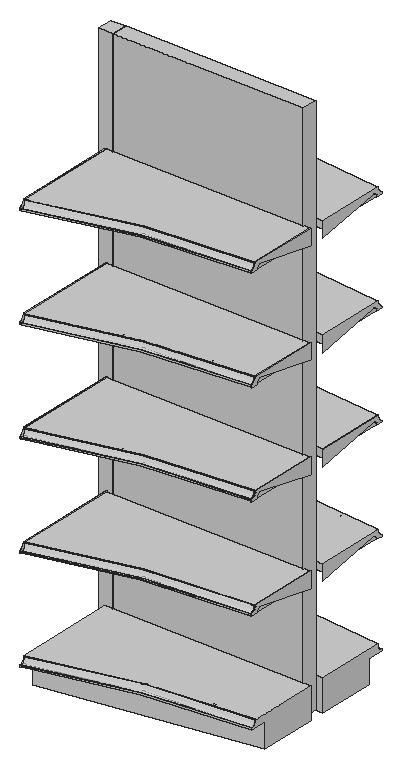
Revit family "ML15", category Specialty Equipment, Revit 2012
Parameters (values of type "Half Radius Concave Small to Big (Default)")
  Width = 3' - 0"
  URL = "http://www.madixinc.com/display/maxiline/shelvesaccessories/hrconcaveupper.html"
  Model = "Maxi Line"
  Manufacturer = "© 2012 Madix, Inc. All rights reserved."
  "Front" Base Shelf [instance] = yes
  "Front" 2' Shelf [instance] = yes
  "Front" 3' 6" Shelf [instance] = yes
  "Front" 5' Shelf [instance] = yes
  "Front" 6' 6" Shelf [instance] = yes
  Height = 8' - 0"
  "Back" Base Shelf [instance] = yes
  "Back" 2' Shelf [instance] = yes
  "Back" 3' 6" Shelf [instance] = yes
  "Back" 5' Shelf [instance] = yes
  "Back" 6' 6" Shelf [instance] = yes
  "Front" Shelf Depth = 1' - 6"
  "Back" Shelf Depth = 1' - 6"
Reference planes (in)
  plane 1 "Center (Front/Back)": y = 0
  plane 2: z = 0
  plane 3 "Center (Left/Right)": x = 0
  plane 4: x = -18
  plane 5: x = 18
  plane 6: y = 1.375
  plane 7: y = -1.375
  plane 8: z = 96
  plane 9: x = -19.25
  plane 10: x = -16.75
  plane 11: x = 19.25
  plane 12: x = 16.75
  plane 13: y = -20.25
  plane 14: y = -14.25
  plane 15: y = 20.25
  plane 16: y = 14.25
  plane 17: x = -19.25
  plane 18: x = 19.25
  plane 19: y = -19.375
  plane 20: y = 19.375
  plane 21: y = -13.375
  plane 22: y = 13.375
  plane 23: y = -13.25
  plane 24: y = -19.25
  plane 25: y = 13.25
  plane 26: y = 19.25
  plane 27: x = -17.875
  plane 28: x = 17.875
  plane 29: y = -17.375
  plane 30: y = 17.375
  plane 31: y = -11.375
  plane 32: y = 11.375
  plane 33: z = 5.5
  plane 34: z = 4.125
  plane 35: z = 23.5
  plane 36: z = 41.5
  plane 37: z = 59.5
  plane 38: z = 77.5
  plane 39: z = 22.125
  plane 40: z = 40.125
  plane 41: z = 58.125
  plane 42: z = 76.125
Forms (in)
  Extrusion 1, solid, material "Metal - Steel"
    sketch origin (0, 0, 0) x (1, 0, 0) y (0, 1, 0)
      loop
        line (-16.71875, -1.375) -> (16.71875, -1.375) -> (16.71875, 1.375) -> (-16.71875, 1.375) -> (-16.71875, -1.375)
      loop
        line (-16.75, 1.375) -> (-19.25, 1.375) -> (-19.25, -1.375) -> (-16.75, -1.375) -> (-16.75, 1.375)
    from 0 to 96
  Extrusion 2, solid, material "Metal - Steel", visible <- ""Front" Base Shelf"
    sketch origin (0, 0, 0) x (1, 0, 0) y (0, 1, 0)
      loop
        line (-18, -1.375) -> (-18, -17.375) -> (18, -11.375) -> (18, -1.375) -> (-18, -1.375)
    from 0 to 4.125
  Extrusion 3, solid, material "Metal - Steel", visible <- ""Front" Base Shelf"
    sketch origin (0, 0, 0) x (1, 0, 0) y (0, 1, 0)
      loop
        line (-18, -1.375) -> (-18, -19.25) -> (-17.875, -19.25)
        arc (-17.875, -19.25) -> (-0.22448, -14.91246) -> (17.875, -13.25) r 121.79013
        line (17.875, -13.25) -> (18, -13.25) -> (18, -1.375) -> (-18, -1.375)
    from 4.125 to 5.5
  Extrusion 4, solid, material "Metal - Steel", visible <- ""Back" Base Shelf"
    sketch origin (0, 0, 0) x (1, 0, 0) y (0, 1, 0)
      loop
        line (-18, 1.375) -> (18, 1.375) -> (18, 11.375) -> (-18, 17.375) -> (-18, 1.375)
    from 0 to 4.125
  Extrusion 5, solid, material "Metal - Steel", visible <- ""Front" 2' Shelf"
    sketch origin (0, 0, 0) x (1, 0, 0) y (0, 1, 0)
      loop
        line (-17.875, -1.375) -> (-17.875, -19.25) -> (-17.75, -19.25)
        arc (-17.75, -19.25) -> (-0.22598, -14.91297) -> (17.75, -13.25) r 120.17091
        line (17.75, -13.25) -> (17.875, -13.25) -> (17.875, -1.375) -> (-17.875, -1.375)
    from 22.125 to 23.5
  Extrusion 6, solid, material "Metal - Steel", visible <- ""Front" 3' 6" Shelf"
    sketch origin (0, 0, 0) x (1, 0, 0) y (0, 1, 0)
      loop
        line (-17.875, -1.375) -> (-17.875, -19.25) -> (-17.74985, -19.25)
        arc (-17.74985, -19.25) -> (-0.22591, -14.91296) -> (17.75, -13.25) r 120.1689
        line (17.75, -13.25) -> (17.875, -13.25) -> (17.875, -1.375) -> (-17.875, -1.375)
    from 40.125 to 41.5
  Extrusion 7, solid, material "Metal - Steel", visible <- ""Front" 5' Shelf"
    sketch origin (0, 0, 0) x (1, 0, 0) y (0, 1, 0)
      loop
        line (-17.875, -1.375) -> (-17.875, -19.25) -> (-17.74985, -19.25)
        arc (-17.74985, -19.25) -> (-0.22591, -14.91296) -> (17.75, -13.25) r 120.1689
        line (17.75, -13.25) -> (17.875, -13.25) -> (17.875, -1.375) -> (-17.875, -1.375)
    from 58.125 to 59.5
  Extrusion 8, solid, material "Metal - Steel", visible <- ""Front" 6' 6" Shelf"
    sketch origin (0, 0, 0) x (1, 0, 0) y (0, 1, 0)
      loop
        line (-17.875, -1.375) -> (-17.875, -19.25) -> (-17.74985, -19.25)
        arc (-17.74985, -19.25) -> (-0.22591, -14.91296) -> (17.75, -13.25) r 120.1689
        line (17.75, -13.25) -> (17.875, -13.25) -> (17.875, -1.375) -> (-17.875, -1.375)
    from 76.125 to 77.5
  Extrusion 9, solid, material "Metal - Steel", visible <- ""Front" 2' Shelf"
    sketch origin (0, 0, 0) x (0, 1, 0) y (0, 0, 1)
      loop
        line (-1.375, 23.5) -> (-19.5, 23.5) -> (-19.5, 23.375)
        arc (-19.5, 23.375) -> (-19.81743, 22.83182) -> (-20.25, 22.375) r 2.75
        line (-20.25, 22.375) -> (-20.25, 22.125) -> (-19.25, 22.125) -> (-19.25, 22.375) -> (-18.5, 23) -> (-18.25, 23) -> (-18.25, 22.875) -> (-1.375, 20.75) -> (-1.375, 23.5)
      loop
        circle (-3.5, 23) r 0.125
      loop
        circle (-16.25, 23) r 0.125
    from -18 to -17.875
  Extrusion 10, solid, material "Metal - Steel", visible <- ""Back" 2' Shelf"
    sketch origin (0, 0, 0) x (0, -1, 0) y (0, 0, -1)
      loop
        line (-1.375, -23.5) -> (-1.375, -20.75) -> (-18.25, -22.875) -> (-18.25, -23) -> (-18.5, -23) -> (-19.25, -22.375) -> (-19.25, -22.125) -> (-20.25, -22.125) -> (-20.25, -22.375)
        arc (-20.25, -22.375) -> (-19.81743, -22.83182) -> (-19.5, -23.375) r 2.75
        line (-19.5, -23.375) -> (-19.5, -23.5) -> (-1.375, -23.5)
      loop
        circle (-9.5, -23) r 0.125
      loop
        circle (-16.25, -23) r 0.125
    from -18 to -17.875
  Extrusion 11, solid, material "Metal - Steel", visible <- ""Front" 2' Shelf"
    sketch origin (0, 0, 0) x (0, 1, 0) y (0, 0, 1)
      loop
        line (-1.375, 23.5) -> (-13.5, 23.5) -> (-13.5, 23.375)
        arc (-13.5, 23.375) -> (-13.81743, 22.83182) -> (-14.25, 22.375) r 2.75
        line (-14.25, 22.375) -> (-14.25, 22.125) -> (-13.25, 22.125) -> (-13.25, 22.375) -> (-12.5, 23) -> (-12.25, 23) -> (-12.25, 22.875) -> (-1.375, 20.75) -> (-1.375, 23.5)
      loop
        circle (-3.5, 23) r 0.125
      loop
        circle (-10.25, 23) r 0.125
    from 17.875 to 18
  Extrusion 12, solid, material "Metal - Steel", visible <- ""Back" 2' Shelf"
    sketch origin (0, 0, 0) x (0, -1, 0) y (0, 0, -1)
      loop
        line (-1.375, -23.5) -> (-1.375, -20.75) -> (-12.25, -22.875) -> (-12.25, -23) -> (-12.5, -23) -> (-13.25, -22.375) -> (-13.25, -22.125) -> (-14.25, -22.125) -> (-14.25, -22.375)
        arc (-14.25, -22.375) -> (-13.81743, -22.83182) -> (-13.5, -23.375) r 2.75
        line (-13.5, -23.375) -> (-13.5, -23.5) -> (-1.375, -23.5)
      loop
        circle (-3.5, -23) r 0.125
      loop
        circle (-10.25, -23) r 0.125
    from 17.875 to 18
  Extrusion 13, solid, material "Metal - Steel", visible <- ""Front" 3' 6" Shelf"
    sketch origin (0, 0, 18) x (0, 1, 0) y (0, 0, 1)
      loop
        line (-1.375, 23.5) -> (-19.5, 23.5) -> (-19.5, 23.375)
        arc (-19.5, 23.375) -> (-19.81743, 22.83182) -> (-20.25, 22.375) r 2.75
        line (-20.25, 22.375) -> (-20.25, 22.125) -> (-19.25, 22.125) -> (-19.25, 22.375) -> (-18.5, 23) -> (-18.25, 23) -> (-18.25, 22.875) -> (-1.375, 20.75) -> (-1.375, 23.5)
      loop
        circle (-3.5, 23) r 0.125
      loop
        circle (-16.25, 23) r 0.125
    from -18 to -17.875
  Extrusion 14, solid, material "Metal - Steel", visible <- ""Front" 5' Shelf"
    sketch origin (0, 0, 36) x (0, 1, 0) y (0, 0, 1)
      loop
        line (-1.375, 23.5) -> (-19.5, 23.5) -> (-19.5, 23.375)
        arc (-19.5, 23.375) -> (-19.81743, 22.83182) -> (-20.25, 22.375) r 2.75
        line (-20.25, 22.375) -> (-20.25, 22.125) -> (-19.25, 22.125) -> (-19.25, 22.375) -> (-18.5, 23) -> (-18.25, 23) -> (-18.25, 22.875) -> (-1.375, 20.75) -> (-1.375, 23.5)
      loop
        circle (-3.5, 23) r 0.125
      loop
        circle (-16.25, 23) r 0.125
    from -18 to -17.875
  Extrusion 15, solid, material "Metal - Steel", visible <- ""Front" 6' 6" Shelf"
    sketch origin (0, 0, 54) x (0, 1, 0) y (0, 0, 1)
      loop
        line (-1.375, 23.5) -> (-19.5, 23.5) -> (-19.5, 23.375)
        arc (-19.5, 23.375) -> (-19.81743, 22.83182) -> (-20.25, 22.375) r 2.75
        line (-20.25, 22.375) -> (-20.25, 22.125) -> (-19.25, 22.125) -> (-19.25, 22.375) -> (-18.5, 23) -> (-18.25, 23) -> (-18.25, 22.875) -> (-1.375, 20.75) -> (-1.375, 23.5)
      loop
        circle (-3.5, 23) r 0.125
      loop
        circle (-16.25, 23) r 0.125
    from -18 to -17.875
  Extrusion 16, solid, material "Metal - Steel", visible <- ""Back" 6' 6" Shelf"
    sketch origin (0, 0, 54) x (0, -1, 0) y (0, 0, -1)
      loop
        line (-1.375, -23.5) -> (-1.375, -20.75) -> (-18.25, -22.875) -> (-18.25, -23) -> (-18.5, -23) -> (-19.25, -22.375) -> (-19.25, -22.125) -> (-20.25, -22.125) -> (-20.25, -22.375)
        arc (-20.25, -22.375) -> (-19.81743, -22.83182) -> (-19.5, -23.375) r 2.75
        line (-19.5, -23.375) -> (-19.5, -23.5) -> (-1.375, -23.5)
      loop
        circle (-3.5, -23) r 0.125
      loop
        circle (-16.25, -23) r 0.125
    from -18 to -17.875
  Extrusion 17, solid, material "Metal - Steel", visible <- ""Back" 5' Shelf"
    sketch origin (0, 0, 36) x (0, -1, 0) y (0, 0, -1)
      loop
        line (-1.375, -23.5) -> (-1.375, -20.75) -> (-18.25, -22.875) -> (-18.25, -23) -> (-18.5, -23) -> (-19.25, -22.375) -> (-19.25, -22.125) -> (-20.25, -22.125) -> (-20.25, -22.375)
        arc (-20.25, -22.375) -> (-19.81743, -22.83182) -> (-19.5, -23.375) r 2.75
        line (-19.5, -23.375) -> (-19.5, -23.5) -> (-1.375, -23.5)
      loop
        circle (-3.5, -23) r 0.125
      loop
        circle (-16.25, -23) r 0.125
    from -18 to -17.875
  Extrusion 18, solid, material "Metal - Steel", visible <- ""Back" 3' 6" Shelf"
    sketch origin (0, 0, 18) x (0, -1, 0) y (0, 0, -1)
      loop
        line (-1.375, -23.5) -> (-1.375, -20.75) -> (-18.25, -22.875) -> (-18.25, -23) -> (-18.5, -23) -> (-19.25, -22.375) -> (-19.25, -22.125) -> (-20.25, -22.125) -> (-20.25, -22.375)
        arc (-20.25, -22.375) -> (-19.81743, -22.83182) -> (-19.5, -23.375) r 2.75
        line (-19.5, -23.375) -> (-19.5, -23.5) -> (-1.375, -23.5)
      loop
        circle (-3.5, -23) r 0.125
      loop
        circle (-16.25, -23) r 0.125
    from -18 to -17.875
  Extrusion 19, solid, material "Metal - Steel", visible <- ""Back" 3' 6" Shelf"
    sketch origin (0, 0, 18) x (0, -1, 0) y (0, 0, -1)
      loop
        line (-1.375, -23.5) -> (-1.375, -20.75) -> (-12.25, -22.875) -> (-12.25, -23) -> (-12.5, -23) -> (-13.25, -22.375) -> (-13.25, -22.125) -> (-14.25, -22.125) -> (-14.25, -22.375)
        arc (-14.25, -22.375) -> (-13.81743, -22.83182) -> (-13.5, -23.375) r 2.75
        line (-13.5, -23.375) -> (-13.5, -23.5) -> (-1.375, -23.5)
      loop
        circle (-3.5, -23) r 0.125
      loop
        circle (-10.25, -23) r 0.125
    from 17.875 to 18
  Extrusion 20, solid, material "Metal - Steel", visible <- ""Back" 5' Shelf"
    sketch origin (0, 0, 36) x (0, -1, 0) y (0, 0, -1)
      loop
        line (-1.375, -23.5) -> (-1.375, -20.75) -> (-12.25, -22.875) -> (-12.25, -23) -> (-12.5, -23) -> (-13.25, -22.375) -> (-13.25, -22.125) -> (-14.25, -22.125) -> (-14.25, -22.375)
        arc (-14.25, -22.375) -> (-13.81743, -22.83182) -> (-13.5, -23.375) r 2.75
        line (-13.5, -23.375) -> (-13.5, -23.5) -> (-1.375, -23.5)
      loop
        circle (-3.5, -23) r 0.125
      loop
        circle (-10.25, -23) r 0.125
    from 17.875 to 18
  Extrusion 21, solid, material "Metal - Steel", visible <- ""Back" 6' 6" Shelf"
    sketch origin (0, 0, 54) x (0, -1, 0) y (0, 0, -1)
      loop
        line (-1.375, -23.5) -> (-1.375, -20.75) -> (-12.25, -22.875) -> (-12.25, -23) -> (-12.5, -23) -> (-13.25, -22.375) -> (-13.25, -22.125) -> (-14.25, -22.125) -> (-14.25, -22.375)
        arc (-14.25, -22.375) -> (-13.81743, -22.83182) -> (-13.5, -23.375) r 2.75
        line (-13.5, -23.375) -> (-13.5, -23.5) -> (-1.375, -23.5)
      loop
        circle (-3.5, -23) r 0.125
      loop
        circle (-10.25, -23) r 0.125
    from 17.875 to 18
  Extrusion 22, solid, material "Metal - Steel", visible <- ""Front" 6' 6" Shelf"
    sketch origin (0, 0, 54) x (0, 1, 0) y (0, 0, 1)
      loop
        line (-1.375, 23.5) -> (-13.5, 23.5) -> (-13.5, 23.375)
        arc (-13.5, 23.375) -> (-13.81743, 22.83182) -> (-14.25, 22.375) r 2.75
        line (-14.25, 22.375) -> (-14.25, 22.125) -> (-13.25, 22.125) -> (-13.25, 22.375) -> (-12.5, 23) -> (-12.25, 23) -> (-12.25, 22.875) -> (-1.375, 20.75) -> (-1.375, 23.5)
      loop
        circle (-3.5, 23) r 0.125
      loop
        circle (-10.25, 23) r 0.125
    from 17.875 to 18
  Extrusion 23, solid, material "Metal - Steel", visible <- ""Front" 5' Shelf"
    sketch origin (0, 0, 36) x (0, 1, 0) y (0, 0, 1)
      loop
        line (-1.375, 23.5) -> (-13.5, 23.5) -> (-13.5, 23.375)
        arc (-13.5, 23.375) -> (-13.81743, 22.83182) -> (-14.25, 22.375) r 2.75
        line (-14.25, 22.375) -> (-14.25, 22.125) -> (-13.25, 22.125) -> (-13.25, 22.375) -> (-12.5, 23) -> (-12.25, 23) -> (-12.25, 22.875) -> (-1.375, 20.75) -> (-1.375, 23.5)
      loop
        circle (-3.5, 23) r 0.125
      loop
        circle (-10.25, 23) r 0.125
    from 17.875 to 18
  Extrusion 24, solid, material "Metal - Steel", visible <- ""Front" 3' 6" Shelf"
    sketch origin (0, 0, 18) x (0, 1, 0) y (0, 0, 1)
      loop
        line (-1.375, 23.5) -> (-13.5, 23.5) -> (-13.5, 23.375)
        arc (-13.5, 23.375) -> (-13.81743, 22.83182) -> (-14.25, 22.375) r 2.75
        line (-14.25, 22.375) -> (-14.25, 22.125) -> (-13.25, 22.125) -> (-13.25, 22.375) -> (-12.5, 23) -> (-12.25, 23) -> (-12.25, 22.875) -> (-1.375, 20.75) -> (-1.375, 23.5)
      loop
        circle (-3.5, 23) r 0.125
      loop
        circle (-10.25, 23) r 0.125
    from 17.875 to 18
  Sweep 25, solid, material "Metal - Steel", visible <- ""Front" 2' Shelf"
    path in 3D
      loop
        line (-17.875, -19.25, 23.5) -> (-17.75, -19.25, 23.5)
        arc (-17.75, -19.25, 23.5) -> (-0.22598, -14.91297, 23.5) -> (17.75, -13.25, 23.5) r 120.17091
        line (17.75, -13.25, 23.5) -> (17.875, -13.25, 23.5)
    profile origin (-17.8125, -19.25, 23.5) x (0, 1, 0) y (0, 0, 1)
      loop
        line (0, 0) -> (-0.25, 0) -> (-0.25, -0.125) -> (-0.125, -0.125)
        arc (-0.125, -0.125) -> (-0.38696, -0.76286) -> (-0.875, -1.25) r 1.75
        line (-0.875, -1.25) -> (-0.875, -1.125) -> (-1, -1.125) -> (-1, -1.375) -> (0, -1.375) -> (0, 0)
  Sweep 26, solid, material "Metal - Steel", visible <- ""Front" Base Shelf"
    path in 3D
      loop
        line (-18, -19.25, 5.5) -> (-17.875, -19.25, 5.5)
        arc (-17.875, -19.25, 5.5) -> (-0.22448, -14.91246, 5.5) -> (17.875, -13.25, 5.5) r 121.79013
        line (17.875, -13.25, 5.5) -> (18, -13.25, 5.5)
    profile origin (-17.9375, -19.25, 5.5) x (0, 1, 0) y (0, 0, 1)
      loop
        line (0, 0) -> (-0.25, 0) -> (-0.25, -0.125) -> (-0.125, -0.125)
        arc (-0.125, -0.125) -> (-0.38696, -0.76286) -> (-0.875, -1.25) r 1.74999
        line (-0.875, -1.25) -> (-0.875, -1.125) -> (-1, -1.125) -> (-1, -1.375) -> (0, -1.375) -> (0, 0)
  Extrusion 27, solid, material "Metal - Steel", visible <- ""Back" Base Shelf"
    sketch origin (0, 0, 0) x (1, 0, 0) y (0, 1, 0)
      loop
        line (-18, 1.375) -> (18, 1.375) -> (18, 13.25) -> (17.875, 13.25)
        arc (17.875, 13.25) -> (-0.22448, 14.91246) -> (-17.875, 19.25) r 121.79013
        line (-17.875, 19.25) -> (-18, 19.25) -> (-18, 1.375)
    from 4.125 to 5.5
  Extrusion 28, solid, material "Metal - Steel", visible <- ""Back" 2' Shelf"
    sketch origin (0, 0, 0) x (0, -1, 0) y (0, 0, -1)
      loop
        line (-1.375, -23.5) -> (-1.375, -20.75) -> (-12.25, -22.875) -> (-12.25, -23) -> (-12.5, -23) -> (-13.25, -22.375) -> (-13.25, -22.125) -> (-14.25, -22.125) -> (-14.25, -22.375)
        arc (-14.25, -22.375) -> (-13.81743, -22.83182) -> (-13.5, -23.375) r 2.75
        line (-13.5, -23.375) -> (-13.5, -23.5) -> (-1.375, -23.5)
      loop
        circle (-3.5, -23) r 0.125
      loop
        circle (-10.25, -23) r 0.125
    from 17.875 to 18
  Extrusion 29, solid, material "Metal - Steel", visible <- ""Back" 2' Shelf"
    sketch origin (0, 0, 0) x (1, 0, 0) y (0, 1, 0)
      loop
        line (-17.875, 1.375) -> (17.875, 1.375) -> (17.875, 13.25) -> (17.75, 13.25)
        arc (17.75, 13.25) -> (-0.22598, 14.91297) -> (-17.75, 19.25) r 120.17091
        line (-17.75, 19.25) -> (-17.875, 19.25) -> (-17.875, 1.375)
    from 22.125 to 23.5
  Extrusion 30, solid, material "Metal - Steel", visible <- ""Back" 3' 6" Shelf"
    sketch origin (0, 0, 0) x (1, 0, 0) y (0, 1, 0)
      loop
        line (-17.875, 1.375) -> (17.875, 1.375) -> (17.875, 13.25) -> (17.75, 13.25)
        arc (17.75, 13.25) -> (-0.22591, 14.91296) -> (-17.74985, 19.25) r 120.1689
        line (-17.74985, 19.25) -> (-17.875, 19.25) -> (-17.875, 1.375)
    from 40.125 to 41.5
  Extrusion 31, solid, material "Metal - Steel", visible <- ""Back" 5' Shelf"
    sketch origin (0, 0, 0) x (1, 0, 0) y (0, 1, 0)
      loop
        line (-17.875, 1.375) -> (17.875, 1.375) -> (17.875, 13.25) -> (17.75, 13.25)
        arc (17.75, 13.25) -> (-0.22591, 14.91296) -> (-17.74985, 19.25) r 120.1689
        line (-17.74985, 19.25) -> (-17.875, 19.25) -> (-17.875, 1.375)
    from 58.125 to 59.5
  Extrusion 32, solid, material "Metal - Steel", visible <- ""Back" 6' 6" Shelf"
    sketch origin (0, 0, 0) x (1, 0, 0) y (0, 1, 0)
      loop
        line (-17.875, 1.375) -> (17.875, 1.375) -> (17.875, 13.25) -> (17.75, 13.25)
        arc (17.75, 13.25) -> (-0.22591, 14.91296) -> (-17.74985, 19.25) r 120.1689
        line (-17.74985, 19.25) -> (-17.875, 19.25) -> (-17.875, 1.375)
    from 76.125 to 77.5
  Sweep 33, solid, material "Metal - Steel", visible <- ""Front" 3' 6" Shelf"
    path in 3D
      loop
        line (-17.875, -19.25, 41.5) -> (-17.74985, -19.25, 41.5)
        arc (-17.74985, -19.25, 41.5) -> (-0.22591, -14.91296, 41.5) -> (17.75, -13.25, 41.5) r 120.1689
        line (17.75, -13.25, 41.5) -> (17.875, -13.25, 41.5)
    profile origin (-17.81243, -19.25, 41.5) x (0, 1, 0) y (0, 0, 1)
      loop
        line (0, 0) -> (-0.25, 0) -> (-0.25, -0.125) -> (-0.125, -0.125)
        arc (-0.125, -0.125) -> (-0.38696, -0.76286) -> (-0.875, -1.25) r 1.75
        line (-0.875, -1.25) -> (-0.875, -1.125) -> (-1, -1.125) -> (-1, -1.375) -> (0, -1.375) -> (0, 0)
  Sweep 34, solid, material "Metal - Steel", visible <- ""Front" 5' Shelf"
    path in 3D
      loop
        line (-17.875, -19.25, 59.5) -> (-17.74985, -19.25, 59.5)
        arc (-17.74985, -19.25, 59.5) -> (-0.22591, -14.91296, 59.5) -> (17.75, -13.25, 59.5) r 120.1689
        line (17.75, -13.25, 59.5) -> (17.875, -13.25, 59.5)
    profile origin (-17.81243, -19.25, 59.5) x (0, 1, 0) y (0, 0, 1)
      loop
        arc (-0.125, -0.125) -> (-0.38696, -0.76286) -> (-0.875, -1.25) r 1.74999
        line (-0.875, -1.25) -> (-0.875, -1.125) -> (-1, -1.125) -> (-1, -1.375) -> (0, -1.375) -> (0, 0) -> (-0.25, 0) -> (-0.25, -0.125) -> (-0.125, -0.125)
  Sweep 35, solid, material "Metal - Steel", visible <- ""Front" 6' 6" Shelf"
    path in 3D
      loop
        line (-17.875, -19.25, 77.5) -> (-17.74985, -19.25, 77.5)
        arc (-17.74985, -19.25, 77.5) -> (-0.22591, -14.91296, 77.5) -> (17.75, -13.25, 77.5) r 120.1689
        line (17.75, -13.25, 77.5) -> (17.875, -13.25, 77.5)
    profile origin (-17.81243, -19.25, 77.5) x (0, 1, 0) y (0, 0, 1)
      loop
        arc (-0.125, -0.125) -> (-0.38696, -0.76286) -> (-0.875, -1.25) r 1.74998
        line (-0.875, -1.25) -> (-0.875, -1.125) -> (-1, -1.125) -> (-1, -1.375) -> (0, -1.375) -> (0, 0) -> (-0.25, 0) -> (-0.25, -0.125) -> (-0.125, -0.125)
  Sweep 36, solid, material "Metal - Steel", visible <- ""Back" Base Shelf"
    path in 3D
      loop
        line (18, 13.25, 5.5) -> (17.875, 13.25, 5.5)
        arc (17.875, 13.25, 5.5) -> (-0.22448, 14.91246, 5.5) -> (-17.875, 19.25, 5.5) r 121.79013
        line (-17.875, 19.25, 5.5) -> (-18, 19.25, 5.5)
    profile origin (-17.9375, 19.25, 5.5) x (0, -1, 0) y (0, 0, 1)
      loop
        arc (-0.125, -0.125) -> (-0.38696, -0.76286) -> (-0.875, -1.25) r 1.74998
        line (-0.875, -1.25) -> (-0.875, -1.125) -> (-1, -1.125) -> (-1, -1.375) -> (0, -1.375) -> (0, 0) -> (-0.25, 0) -> (-0.25, -0.125) -> (-0.125, -0.125)
  Sweep 37, solid, material "Metal - Steel", visible <- ""Back" 2' Shelf"
    path in 3D
      loop
        line (17.875, 13.25, 23.5) -> (17.75, 13.25, 23.5)
        arc (17.75, 13.25, 23.5) -> (-0.22598, 14.91297, 23.5) -> (-17.75, 19.25, 23.5) r 120.17091
        line (-17.75, 19.25, 23.5) -> (-17.875, 19.25, 23.5)
    profile origin (-17.8125, 19.25, 23.5) x (0, -1, 0) y (0, 0, 1)
      loop
        line (0, 0) -> (-0.25, 0) -> (-0.25, -0.125) -> (-0.125, -0.125)
        arc (-0.125, -0.125) -> (-0.38696, -0.76286) -> (-0.875, -1.25) r 1.74998
        line (-0.875, -1.25) -> (-0.875, -1.125) -> (-1, -1.125) -> (-1, -1.375) -> (0, -1.375) -> (0, 0)
  Sweep 38, solid, material "Metal - Steel", visible <- ""Back" 3' 6" Shelf"
    path in 3D
      loop
        line (17.875, 13.25, 41.5) -> (17.75, 13.25, 41.5)
        arc (17.75, 13.25, 41.5) -> (-0.22591, 14.91296, 41.5) -> (-17.74985, 19.25, 41.5) r 120.1689
        line (-17.74985, 19.25, 41.5) -> (-17.875, 19.25, 41.5)
    profile origin (17.8125, 13.25, 41.5) x (0, -1, 0) y (0, 0, 1)
      loop
        arc (-0.125, -0.125) -> (-0.38696, -0.76286) -> (-0.875, -1.25) r 1.74998
        line (-0.875, -1.25) -> (-0.875, -1.125) -> (-1, -1.125) -> (-1, -1.375) -> (0, -1.375) -> (0, 0) -> (-0.25, 0) -> (-0.25, -0.125) -> (-0.125, -0.125)
  Sweep 39, solid, material "Metal - Steel", visible <- ""Back" 5' Shelf"
    path in 3D
      loop
        line (17.875, 13.25, 59.5) -> (17.75, 13.25, 59.5)
        arc (17.75, 13.25, 59.5) -> (-0.22591, 14.91296, 59.5) -> (-17.74985, 19.25, 59.5) r 120.1689
        line (-17.74985, 19.25, 59.5) -> (-17.875, 19.25, 59.5)
    profile origin (-17.81243, 19.25, 59.5) x (0, -1, 0) y (0, 0, 1)
      loop
        arc (-0.125, -0.125) -> (-0.38696, -0.76286) -> (-0.875, -1.25) r 1.74998
        line (-0.875, -1.25) -> (-0.875, -1.125) -> (-1, -1.125) -> (-1, -1.375) -> (0, -1.375) -> (0, 0) -> (-0.25, 0) -> (-0.25, -0.125) -> (-0.125, -0.125)
  Sweep 40, solid, material "Metal - Steel", visible <- ""Back" 6' 6" Shelf"
    path in 3D
      loop
        line (17.875, 13.25, 77.5) -> (17.75, 13.25, 77.5)
        arc (17.75, 13.25, 77.5) -> (-0.22591, 14.91296, 77.5) -> (-17.74985, 19.25, 77.5) r 120.1689
        line (-17.74985, 19.25, 77.5) -> (-17.875, 19.25, 77.5)
    profile origin (-17.81243, 19.25, 77.5) x (0, -1, 0) y (0, 0, 1)
      loop
        arc (-0.125, -0.125) -> (-0.38696, -0.76286) -> (-0.875, -1.25) r 1.74998
        line (-0.875, -1.25) -> (-0.875, -1.125) -> (-1, -1.125) -> (-1, -1.375) -> (0, -1.375) -> (0, 0) -> (-0.25, 0) -> (-0.25, -0.125) -> (-0.125, -0.125)
Cuts and joins
  joined: Extrusion 2, Extrusion 3, Sweep 26
  joined: Extrusion 5, Sweep 25
  joined: Extrusion 6, Sweep 33
  joined: Extrusion 7, Sweep 34
  joined: Extrusion 8, Sweep 35
  joined: Extrusion 4, Extrusion 27, Sweep 36
  joined: Extrusion 29, Sweep 37
  joined: Extrusion 30, Sweep 38
  joined: Extrusion 31, Sweep 39
  joined: Extrusion 32, Sweep 40
Lines and regions (in)
  sketch lines
    curve 1: line (-17.875, -19.25, 23.5) -> (-17.75, -19.25, 23.5)
    curve 2: arc (17.75, -13.25, 23.5) -> (-0.22598, -14.91297, 23.5) -> (-17.75, -19.25, 23.5) r 120.17091
    curve 3: line (17.75, -13.25, 23.5) -> (17.875, -13.25, 23.5)
    curve 4: line (-18, -19.25, 5.5) -> (-17.875, -19.25, 5.5)
    curve 5: arc (17.875, -13.25, 5.5) -> (-0.22448, -14.91246, 5.5) -> (-17.875, -19.25, 5.5) r 121.79013
    curve 6: line (17.875, -13.25, 5.5) -> (18, -13.25, 5.5)
    curve 7: line (-17.875, -19.25, 41.5) -> (-17.74985, -19.25, 41.5)
    curve 8: arc (17.75, -13.25, 41.5) -> (-0.22591, -14.91296, 41.5) -> (-17.74985, -19.25, 41.5) r 120.1689
    curve 9: line (17.75, -13.25, 41.5) -> (17.875, -13.25, 41.5)
    curve 10: line (-17.875, -19.25, 59.5) -> (-17.74985, -19.25, 59.5)
    curve 11: arc (17.75, -13.25, 59.5) -> (-0.22591, -14.91296, 59.5) -> (-17.74985, -19.25, 59.5) r 120.1689
    curve 12: line (17.75, -13.25, 59.5) -> (17.875, -13.25, 59.5)
    curve 13: line (-17.875, -19.25, 77.5) -> (-17.74985, -19.25, 77.5)
    curve 14: arc (17.75, -13.25, 77.5) -> (-0.22591, -14.91296, 77.5) -> (-17.74985, -19.25, 77.5) r 120.1689
    curve 15: line (17.75, -13.25, 77.5) -> (17.875, -13.25, 77.5)
    curve 16: line (-17.875, 19.25, 5.5) -> (-18, 19.25, 5.5)
    curve 17: arc (-17.875, 19.25, 5.5) -> (-0.22448, 14.91246, 5.5) -> (17.875, 13.25, 5.5) r 121.79013
    curve 18: line (18, 13.25, 5.5) -> (17.875, 13.25, 5.5)
    curve 19: line (-17.75, 19.25, 23.5) -> (-17.875, 19.25, 23.5)
    curve 20: arc (-17.75, 19.25, 23.5) -> (-0.22598, 14.91297, 23.5) -> (17.75, 13.25, 23.5) r 120.17091
    curve 21: line (17.875, 13.25, 23.5) -> (17.75, 13.25, 23.5)
    curve 22: line (17.875, 13.25, 41.5) -> (17.75, 13.25, 41.5)
    curve 23: arc (-17.74985, 19.25, 41.5) -> (-0.22591, 14.91296, 41.5) -> (17.75, 13.25, 41.5) r 120.1689
    curve 24: line (-17.74985, 19.25, 41.5) -> (-17.875, 19.25, 41.5)
    curve 25: line (-17.74985, 19.25, 59.5) -> (-17.875, 19.25, 59.5)
    curve 26: arc (-17.74985, 19.25, 59.5) -> (-0.22591, 14.91296, 59.5) -> (17.75, 13.25, 59.5) r 120.1689
    curve 27: line (17.875, 13.25, 59.5) -> (17.75, 13.25, 59.5)
    curve 28: line (-17.74985, 19.25, 77.5) -> (-17.875, 19.25, 77.5)
    curve 29: arc (-17.74985, 19.25, 77.5) -> (-0.22591, 14.91296, 77.5) -> (17.75, 13.25, 77.5) r 120.1689
    curve 30: line (17.875, 13.25, 77.5) -> (17.75, 13.25, 77.5)
Dimensions and locks (in)
  "Height": plane 8 to level
  equal spacing: plane 4, plane 3 "Center (Left/Right)", plane 5
  "Width": plane 4 to plane 5
  locked: plane 9 to plane 10 at 2.5
  locked: plane 12 to plane 11 at 2.5
  locked: plane 17 to plane 4 at 1.25
  locked: plane 5 to plane 18 at 1.25
  ""Front" Shelf Depth": plane 19 to plane 7
  ""Back" Shelf Depth": plane 6 to plane 20
  locked: plane 21 to plane 19 at 6
  locked: plane 22 to plane 20 at 6
  locked: plane 19 to plane 13 at 0.875
  locked: plane 21 to plane 14 at 0.875
  locked: plane 16 to plane 22 at 0.875
  locked: plane 20 to plane 15 at 0.875
  locked: plane 23 to plane 21 at 0.125
  locked: plane 24 to plane 19 at 0.125
  locked: plane 25 to plane 22 at 0.125
  locked: plane 26 to plane 20 at 0.125
  locked: plane 4 to plane 27 at 0.125
  locked: plane 28 to plane 5 at 0.125
  locked: plane 31 to plane 21 at 2
  locked: plane 29 to plane 19 at 2
  locked: plane 22 to plane 32 at 2
  locked: plane 20 to plane 30 at 2
  aligned and locked: level to plane 2
  aligned and locked: plane 8 to Extrusion 1
  aligned and locked: plane 11 to plane 18
  aligned and locked: plane 9 to plane 17
  aligned and locked: Extrusion 9 to plane 4
  aligned and locked: plane 27 to Extrusion 9
  aligned and locked: Extrusion 11 to plane 5
  aligned and locked: plane 28 to Extrusion 11
  aligned and locked: Extrusion 12 to plane 5
  aligned and locked: plane 28 to Extrusion 12
  aligned and locked: plane 27 to Extrusion 10
  aligned and locked: Extrusion 10 to plane 4
  aligned and locked: Extrusion 16 to plane 4
  aligned and locked: plane 27 to Extrusion 16
  aligned and locked: Extrusion 17 to plane 4
  aligned and locked: plane 27 to Extrusion 17
  aligned and locked: Extrusion 18 to plane 4
  aligned and locked: plane 27 to Extrusion 18
  aligned and locked: Extrusion 21 to plane 5
  aligned and locked: plane 28 to Extrusion 21
  aligned and locked: Extrusion 20 to plane 5
  aligned and locked: plane 28 to Extrusion 20
  aligned and locked: Extrusion 19 to plane 5
  aligned and locked: plane 28 to Extrusion 19
  aligned and locked: Extrusion 22 to plane 5
  aligned and locked: plane 28 to Extrusion 22
  aligned and locked: Extrusion 23 to plane 5
  aligned and locked: plane 28 to Extrusion 23
  aligned and locked: Extrusion 24 to plane 5
  aligned and locked: plane 28 to Extrusion 24
  aligned and locked: Extrusion 15 to plane 4
  aligned and locked: plane 27 to Extrusion 15
  aligned and locked: Extrusion 14 to plane 4
  aligned and locked: plane 27 to Extrusion 14
  aligned and locked: Extrusion 13 to plane 4
  aligned and locked: plane 27 to Extrusion 13
  aligned and locked: Extrusion 28 to plane 5
  aligned and locked: plane 28 to Extrusion 28
Automatic sketch dimensions
  Extrusion 1 sketch curve to plane 6 = 0' - 0"  (x2)
  Extrusion 1 sketch curve to plane 9 = 0' - 0"
  plane 7 to Extrusion 1 sketch curve = 0' - 0"  (x2)
  Extrusion 1 sketch curve to plane 10 = 0' - 0"
  Extrusion 1 sketch curve to Extrusion 1 sketch curve = 0' - 0 1/32"
  plane 12 to Extrusion 1 sketch curve = 0' - 0 1/32"
  Extrusion 2 sketch curve to plane 4 = 0' - 0"
  Extrusion 2 sketch curve to plane 5 = 0' - 0"
  plane 29 to Extrusion 2 sketch curve = 0' - 0"
  Extrusion 2 sketch curve to plane 31 = 0' - 0"
  plane 7 to Extrusion 2 sketch curve = 0' - 0"
  Extrusion 3 sketch curve to plane 4 = 0' - 0"
  Extrusion 3 sketch curve to plane 24 = 0' - 0"
  Extrusion 3 sketch curve to plane 27 = 0' - 0"
  Extrusion 3 sketch curve to plane 23 = 0' - 0"
  Extrusion 3 sketch curve to plane 28 = 0' - 0"
  Extrusion 3 sketch curve to plane 5 = 0' - 0"
  plane 7 to Extrusion 3 sketch curve = 0' - 0"
  Extrusion 3 sketch curve to plane 11 = 0' - 0.68388"
  Extrusion 4 sketch curve to plane 4 = 0' - 0"
  Extrusion 4 sketch curve to plane 5 = 0' - 0"
  Extrusion 4 sketch curve to plane 30 = 0' - 0"
  plane 32 to Extrusion 4 sketch curve = 0' - 0"
  Extrusion 4 sketch curve to plane 6 = 0' - 0"
  Extrusion 5 sketch curve to plane 24 = 0' - 0"
  Extrusion 5 sketch curve to plane 27 = 0' - 0"
  Extrusion 5 sketch curve to plane 23 = 0' - 0"
  plane 7 to Extrusion 5 sketch curve = 0' - 0"
  Extrusion 5 sketch curve to plane 28 = 0' - 0"
  plane 27 to Extrusion 5 sketch curve = 0' - 0 1/8"
  plane 28 to Extrusion 5 sketch curve = 0' - 0 1/8"
  Extrusion 5 sketch curve to plane 11 = 0' - 0.55058"
  Extrusion 6 sketch curve to plane 24 = 0' - 0"
  Extrusion 6 sketch curve to plane 27 = 0' - 0"
  Extrusion 6 sketch curve to plane 23 = 0' - 0"
  plane 7 to Extrusion 6 sketch curve = 0' - 0"
  Extrusion 6 sketch curve to plane 28 = 0' - 0"
  plane 27 to Extrusion 6 sketch curve = 0' - 0.12515"
  plane 28 to Extrusion 6 sketch curve = 0' - 0 1/8"
  Extrusion 6 sketch curve to plane 11 = 0' - 0.55039"
  Extrusion 7 sketch curve to plane 24 = 0' - 0"
  Extrusion 7 sketch curve to plane 27 = 0' - 0"
  Extrusion 7 sketch curve to plane 23 = 0' - 0"
  plane 7 to Extrusion 7 sketch curve = 0' - 0"
  Extrusion 7 sketch curve to plane 28 = 0' - 0"
  plane 27 to Extrusion 7 sketch curve = 0' - 0.12515"
  plane 28 to Extrusion 7 sketch curve = 0' - 0 1/8"
  Extrusion 7 sketch curve to plane 11 = 0' - 0.55039"
  Extrusion 8 sketch curve to plane 24 = 0' - 0"
  Extrusion 8 sketch curve to plane 27 = 0' - 0"
  Extrusion 8 sketch curve to plane 23 = 0' - 0"
  plane 7 to Extrusion 8 sketch curve = 0' - 0"
  Extrusion 8 sketch curve to plane 28 = 0' - 0"
  plane 27 to Extrusion 8 sketch curve = 0' - 0.12515"
  plane 28 to Extrusion 8 sketch curve = 0' - 0 1/8"
  Extrusion 8 sketch curve to plane 11 = 0' - 0.55039"
  Extrusion 9 sketch curve to plane 13 = 0' - 0"
  plane 35 to Extrusion 9 sketch curve = 0' - 0"
  Extrusion 9 sketch curve to plane 24 = 0' - 0"
  Extrusion 9 sketch curve to plane 7 = 0' - 0"
  plane 39 to Extrusion 9 sketch curve = 0' - 0"
  Extrusion 9 sketch curve to plane 35 = 0' - 0.98182"
  Extrusion 9 sketch curve to plane 13 = 0' - 1.76743"
  Extrusion 9 sketch curve to plane 19 = 0' - 0 1/8"
  plane 24 to Extrusion 9 sketch curve = 0' - 0 3/4"
  Extrusion 9 sketch curve to Extrusion 9 sketch curve = 0' - 0 1/4"
  plane 35 to Extrusion 9 sketch curve = 0' - 0 1/2"  (x2)
  Extrusion 9 sketch curve to plane 29 = 0' - 1 1/8"
  plane 7 to Extrusion 9 sketch curve = 0' - 2 1/8"
  plane 39 to Extrusion 9 sketch curve = 0' - 1 3/8"
  Extrusion 9 sketch curve to plane 39 = 0' - 0 1/4"  (x2)
  plane 35 to Extrusion 9 sketch curve = 0' - 0 5/8"
  Extrusion 9 sketch curve to Extrusion 9 sketch curve = 0' - 0 1/8"
  Extrusion 10 sketch curve to plane 15 = 0' - 0"
  plane 35 to Extrusion 10 sketch curve = 0' - 0"
  Extrusion 10 sketch curve to plane 26 = 0' - 0"
  Extrusion 10 sketch curve to plane 6 = 0' - 0"
  plane 39 to Extrusion 10 sketch curve = 0' - 0"
  plane 35 to Extrusion 10 sketch curve = 0' - 0.98182"
  plane 15 to Extrusion 10 sketch curve = 0' - 1.76743"
  plane 20 to Extrusion 10 sketch curve = 0' - 0 1/8"
  Extrusion 10 sketch curve to plane 26 = 0' - 0 3/4"
  Extrusion 10 sketch curve to Extrusion 10 sketch curve = 0' - 0 1/4"
  Extrusion 10 sketch curve to plane 35 = 0' - 0 1/2"  (x2)
  plane 30 to Extrusion 10 sketch curve = 0' - 1 1/8"
  Extrusion 10 sketch curve to plane 32 = 0' - 1 7/8"
  Extrusion 10 sketch curve to plane 39 = 0' - 1 3/8"
  plane 39 to Extrusion 10 sketch curve = 0' - 0 1/4"  (x2)
  Extrusion 10 sketch curve to plane 35 = 0' - 0 5/8"
  Extrusion 10 sketch curve to Extrusion 10 sketch curve = 0' - 0 1/8"
  Extrusion 11 sketch curve to plane 14 = 0' - 0"
  plane 35 to Extrusion 11 sketch curve = 0' - 0"
  Extrusion 11 sketch curve to plane 23 = 0' - 0"
  Extrusion 11 sketch curve to plane 7 = 0' - 0"
  plane 39 to Extrusion 11 sketch curve = 0' - 0"
  Extrusion 11 sketch curve to plane 29 = 0' - 1.35757"
  Extrusion 11 sketch curve to plane 21 = 0' - 0 1/8"
  plane 23 to Extrusion 11 sketch curve = 0' - 0 3/4"
  Extrusion 11 sketch curve to Extrusion 11 sketch curve = 0' - 0 1/4"
  plane 35 to Extrusion 11 sketch curve = 0' - 0 1/2"  (x2)
  plane 31 to Extrusion 11 sketch curve = 0' - 1 1/8"
  plane 7 to Extrusion 11 sketch curve = 0' - 2 1/8"
  plane 39 to Extrusion 11 sketch curve = 0' - 1 3/8"
  Extrusion 11 sketch curve to plane 39 = 0' - 0 1/4"  (x2)
  plane 35 to Extrusion 11 sketch curve = 0' - 0 5/8"
  Extrusion 11 sketch curve to Extrusion 11 sketch curve = 0' - 0 1/8"  (x2)
  Extrusion 12 sketch curve to plane 16 = 0' - 0"
  plane 35 to Extrusion 12 sketch curve = 0' - 0"
  Extrusion 12 sketch curve to plane 25 = 0' - 0"
  Extrusion 12 sketch curve to plane 6 = 0' - 0"
  plane 39 to Extrusion 12 sketch curve = 0' - 0"
  plane 30 to Extrusion 12 sketch curve = 0' - 1.35757"
  plane 22 to Extrusion 12 sketch curve = 0' - 0 1/8"
  Extrusion 12 sketch curve to plane 25 = 0' - 0 3/4"
  Extrusion 12 sketch curve to Extrusion 12 sketch curve = 0' - 0 1/4"
  Extrusion 12 sketch curve to plane 35 = 0' - 0 1/2"  (x2)
  Extrusion 12 sketch curve to plane 32 = 0' - 1 1/8"
  Extrusion 12 sketch curve to plane 6 = 0' - 2 1/8"
  Extrusion 12 sketch curve to plane 39 = 0' - 1 3/8"
  plane 39 to Extrusion 12 sketch curve = 0' - 0 1/4"  (x2)
  Extrusion 12 sketch curve to plane 35 = 0' - 0 5/8"
  Extrusion 12 sketch curve to Extrusion 12 sketch curve = 0' - 0 1/8"  (x2)
  Extrusion 13 sketch curve to plane 13 = 0' - 0"
  Extrusion 13 sketch curve to plane 36 = 0' - 0"
  Extrusion 13 sketch curve to plane 24 = 0' - 0"
  Extrusion 13 sketch curve to plane 7 = 0' - 0"
  plane 40 to Extrusion 13 sketch curve = 0' - 0"
  plane 36 to Extrusion 13 sketch curve = 0' - 0.98182"
  Extrusion 13 sketch curve to plane 13 = 0' - 1.76743"
  Extrusion 13 sketch curve to plane 19 = 0' - 0 1/8"
  plane 24 to Extrusion 13 sketch curve = 0' - 0 3/4"
  Extrusion 13 sketch curve to Extrusion 13 sketch curve = 0' - 0 1/4"
  Extrusion 13 sketch curve to plane 36 = 0' - 0 1/2"  (x2)
  Extrusion 13 sketch curve to plane 29 = 0' - 1 1/8"
  plane 7 to Extrusion 13 sketch curve = 0' - 2 1/8"
  plane 40 to Extrusion 13 sketch curve = 0' - 1 3/8"
  Extrusion 13 sketch curve to plane 40 = 0' - 0 1/4"  (x2)
  Extrusion 13 sketch curve to plane 36 = 0' - 0 5/8"
  Extrusion 13 sketch curve to Extrusion 13 sketch curve = 0' - 0 1/8"
  Extrusion 14 sketch curve to plane 13 = 0' - 0"
  Extrusion 14 sketch curve to plane 37 = 0' - 0"
  Extrusion 14 sketch curve to plane 24 = 0' - 0"
  Extrusion 14 sketch curve to plane 7 = 0' - 0"
  Extrusion 14 sketch curve to plane 41 = 0' - 0"
  plane 37 to Extrusion 14 sketch curve = 0' - 0.98182"
  Extrusion 14 sketch curve to plane 13 = 0' - 1.76743"
  Extrusion 14 sketch curve to plane 19 = 0' - 0 1/8"
  plane 24 to Extrusion 14 sketch curve = 0' - 0 3/4"
  Extrusion 14 sketch curve to Extrusion 14 sketch curve = 0' - 0 1/4"
  Extrusion 14 sketch curve to plane 37 = 0' - 0 1/2"  (x2)
  Extrusion 14 sketch curve to plane 29 = 0' - 1 1/8"
  plane 7 to Extrusion 14 sketch curve = 0' - 2 1/8"
  Extrusion 14 sketch curve to plane 41 = 0' - 1 3/8"
  plane 41 to Extrusion 14 sketch curve = 0' - 0 1/4"  (x2)
  Extrusion 14 sketch curve to plane 37 = 0' - 0 5/8"
  Extrusion 14 sketch curve to Extrusion 14 sketch curve = 0' - 0 1/8"
  Extrusion 15 sketch curve to plane 13 = 0' - 0"
  plane 38 to Extrusion 15 sketch curve = 0' - 0"
  Extrusion 15 sketch curve to plane 24 = 0' - 0"
  Extrusion 15 sketch curve to plane 7 = 0' - 0"
  Extrusion 15 sketch curve to plane 42 = 0' - 0"
  Extrusion 15 sketch curve to plane 38 = 0' - 0.98182"
  Extrusion 15 sketch curve to plane 13 = 0' - 1.76743"
  Extrusion 15 sketch curve to plane 19 = 0' - 0 1/8"
  plane 24 to Extrusion 15 sketch curve = 0' - 0 3/4"
  Extrusion 15 sketch curve to Extrusion 15 sketch curve = 0' - 0 1/4"
  plane 38 to Extrusion 15 sketch curve = 0' - 0 1/2"  (x2)
  Extrusion 15 sketch curve to plane 29 = 0' - 1 1/8"
  plane 7 to Extrusion 15 sketch curve = 0' - 2 1/8"
  Extrusion 15 sketch curve to plane 42 = 0' - 1 3/8"
  plane 42 to Extrusion 15 sketch curve = 0' - 0 1/4"  (x2)
  plane 38 to Extrusion 15 sketch curve = 0' - 0 5/8"
  Extrusion 15 sketch curve to Extrusion 15 sketch curve = 0' - 0 1/8"
  Extrusion 16 sketch curve to plane 15 = 0' - 0"
  plane 38 to Extrusion 16 sketch curve = 0' - 0"
  Extrusion 16 sketch curve to plane 26 = 0' - 0"
  Extrusion 16 sketch curve to plane 6 = 0' - 0"
  Extrusion 16 sketch curve to plane 42 = 0' - 0"
  plane 38 to Extrusion 16 sketch curve = 0' - 0.98182"
  plane 15 to Extrusion 16 sketch curve = 0' - 1.76743"
  plane 20 to Extrusion 16 sketch curve = 0' - 0 1/8"
  Extrusion 16 sketch curve to plane 26 = 0' - 0 3/4"
  Extrusion 16 sketch curve to Extrusion 16 sketch curve = 0' - 0 1/4"
  Extrusion 16 sketch curve to plane 38 = 0' - 0 1/2"  (x2)
  plane 30 to Extrusion 16 sketch curve = 0' - 1 1/8"
  Extrusion 16 sketch curve to plane 6 = 0' - 2 1/8"
  plane 42 to Extrusion 16 sketch curve = 0' - 1 3/8"
  Extrusion 16 sketch curve to plane 42 = 0' - 0 1/4"  (x2)
  Extrusion 16 sketch curve to plane 38 = 0' - 0 5/8"
  Extrusion 16 sketch curve to Extrusion 16 sketch curve = 0' - 0 1/8"
  Extrusion 17 sketch curve to plane 15 = 0' - 0"
  Extrusion 17 sketch curve to plane 37 = 0' - 0"
  Extrusion 17 sketch curve to plane 26 = 0' - 0"
  Extrusion 17 sketch curve to plane 6 = 0' - 0"
  Extrusion 17 sketch curve to plane 41 = 0' - 0"
  Extrusion 17 sketch curve to plane 37 = 0' - 0.98182"
  plane 15 to Extrusion 17 sketch curve = 0' - 1.76743"
  plane 20 to Extrusion 17 sketch curve = 0' - 0 1/8"
  Extrusion 17 sketch curve to plane 26 = 0' - 0 3/4"
  Extrusion 17 sketch curve to Extrusion 17 sketch curve = 0' - 0 1/4"
  plane 37 to Extrusion 17 sketch curve = 0' - 0 1/2"  (x2)
  plane 30 to Extrusion 17 sketch curve = 0' - 1 1/8"
  Extrusion 17 sketch curve to plane 6 = 0' - 2 1/8"
  plane 41 to Extrusion 17 sketch curve = 0' - 1 3/8"
  Extrusion 17 sketch curve to plane 41 = 0' - 0 1/4"  (x2)
  plane 37 to Extrusion 17 sketch curve = 0' - 0 5/8"
  Extrusion 17 sketch curve to Extrusion 17 sketch curve = 0' - 0 1/8"
  Extrusion 18 sketch curve to plane 15 = 0' - 0"
  Extrusion 18 sketch curve to plane 36 = 0' - 0"
  Extrusion 18 sketch curve to plane 26 = 0' - 0"
  Extrusion 18 sketch curve to plane 6 = 0' - 0"
  plane 40 to Extrusion 18 sketch curve = 0' - 0"
  Extrusion 18 sketch curve to plane 36 = 0' - 0.98182"
  plane 15 to Extrusion 18 sketch curve = 0' - 1.76743"
  plane 20 to Extrusion 18 sketch curve = 0' - 0 1/8"
  Extrusion 18 sketch curve to plane 26 = 0' - 0 3/4"
  Extrusion 18 sketch curve to Extrusion 18 sketch curve = 0' - 0 1/4"
  plane 36 to Extrusion 18 sketch curve = 0' - 0 1/2"  (x2)
  plane 30 to Extrusion 18 sketch curve = 0' - 1 1/8"
  Extrusion 18 sketch curve to plane 6 = 0' - 2 1/8"
  Extrusion 18 sketch curve to plane 40 = 0' - 1 3/8"
  plane 40 to Extrusion 18 sketch curve = 0' - 0 1/4"  (x2)
  plane 36 to Extrusion 18 sketch curve = 0' - 0 5/8"
  Extrusion 18 sketch curve to Extrusion 18 sketch curve = 0' - 0 1/8"
  Extrusion 19 sketch curve to plane 16 = 0' - 0"
  Extrusion 19 sketch curve to plane 36 = 0' - 0"
  Extrusion 19 sketch curve to plane 25 = 0' - 0"
  Extrusion 19 sketch curve to plane 6 = 0' - 0"
  plane 40 to Extrusion 19 sketch curve = 0' - 0"
  plane 30 to Extrusion 19 sketch curve = 0' - 1.35757"
  plane 22 to Extrusion 19 sketch curve = 0' - 0 1/8"
  Extrusion 19 sketch curve to plane 25 = 0' - 0 3/4"
  Extrusion 19 sketch curve to Extrusion 19 sketch curve = 0' - 0 1/4"
  plane 36 to Extrusion 19 sketch curve = 0' - 0 1/2"  (x2)
  Extrusion 19 sketch curve to plane 32 = 0' - 1 1/8"
  Extrusion 19 sketch curve to plane 6 = 0' - 2 1/8"
  Extrusion 19 sketch curve to plane 40 = 0' - 1 3/8"
  plane 40 to Extrusion 19 sketch curve = 0' - 0 1/4"  (x2)
  plane 36 to Extrusion 19 sketch curve = 0' - 0 5/8"
  Extrusion 19 sketch curve to Extrusion 19 sketch curve = 0' - 0 1/8"  (x2)
  Extrusion 20 sketch curve to plane 16 = 0' - 0"
  Extrusion 20 sketch curve to plane 37 = 0' - 0"
  Extrusion 20 sketch curve to plane 25 = 0' - 0"
  Extrusion 20 sketch curve to plane 6 = 0' - 0"
  Extrusion 20 sketch curve to plane 41 = 0' - 0"
  plane 30 to Extrusion 20 sketch curve = 0' - 1.35757"
  plane 22 to Extrusion 20 sketch curve = 0' - 0 1/8"
  Extrusion 20 sketch curve to plane 25 = 0' - 0 3/4"
  Extrusion 20 sketch curve to Extrusion 20 sketch curve = 0' - 0 1/4"
  plane 37 to Extrusion 20 sketch curve = 0' - 0 1/2"  (x2)
  Extrusion 20 sketch curve to plane 32 = 0' - 1 1/8"
  Extrusion 20 sketch curve to plane 6 = 0' - 2 1/8"
  plane 41 to Extrusion 20 sketch curve = 0' - 1 3/8"
  Extrusion 20 sketch curve to plane 41 = 0' - 0 1/4"  (x2)
  plane 37 to Extrusion 20 sketch curve = 0' - 0 5/8"
  Extrusion 20 sketch curve to Extrusion 20 sketch curve = 0' - 0 1/8"  (x2)
  Extrusion 21 sketch curve to plane 16 = 0' - 0"
  plane 38 to Extrusion 21 sketch curve = 0' - 0"
  Extrusion 21 sketch curve to plane 25 = 0' - 0"
  Extrusion 21 sketch curve to plane 6 = 0' - 0"
  Extrusion 21 sketch curve to plane 42 = 0' - 0"
  plane 30 to Extrusion 21 sketch curve = 0' - 1.35757"
  plane 22 to Extrusion 21 sketch curve = 0' - 0 1/8"
  Extrusion 21 sketch curve to plane 25 = 0' - 0 3/4"
  Extrusion 21 sketch curve to Extrusion 21 sketch curve = 0' - 0 1/4"
  Extrusion 21 sketch curve to plane 38 = 0' - 0 1/2"  (x2)
  Extrusion 21 sketch curve to plane 32 = 0' - 1 1/8"
  Extrusion 21 sketch curve to plane 6 = 0' - 2 1/8"
  plane 42 to Extrusion 21 sketch curve = 0' - 1 3/8"
  Extrusion 21 sketch curve to plane 42 = 0' - 0 1/4"  (x2)
  Extrusion 21 sketch curve to plane 38 = 0' - 0 5/8"
  Extrusion 21 sketch curve to Extrusion 21 sketch curve = 0' - 0 1/8"  (x2)
  Extrusion 22 sketch curve to plane 14 = 0' - 0"
  plane 38 to Extrusion 22 sketch curve = 0' - 0"
  Extrusion 22 sketch curve to plane 23 = 0' - 0"
  Extrusion 22 sketch curve to plane 7 = 0' - 0"
  Extrusion 22 sketch curve to plane 42 = 0' - 0"
  Extrusion 22 sketch curve to plane 29 = 0' - 1.35757"
  Extrusion 22 sketch curve to plane 21 = 0' - 0 1/8"
  plane 23 to Extrusion 22 sketch curve = 0' - 0 3/4"
  Extrusion 22 sketch curve to Extrusion 22 sketch curve = 0' - 0 1/4"
  plane 38 to Extrusion 22 sketch curve = 0' - 0 1/2"  (x2)
  plane 31 to Extrusion 22 sketch curve = 0' - 1 1/8"
  plane 7 to Extrusion 22 sketch curve = 0' - 2 1/8"
  Extrusion 22 sketch curve to plane 42 = 0' - 1 3/8"
  plane 42 to Extrusion 22 sketch curve = 0' - 0 1/4"  (x2)
  plane 38 to Extrusion 22 sketch curve = 0' - 0 5/8"
  Extrusion 22 sketch curve to Extrusion 22 sketch curve = 0' - 0 1/8"  (x2)
  Extrusion 23 sketch curve to plane 14 = 0' - 0"
  Extrusion 23 sketch curve to plane 37 = 0' - 0"
  Extrusion 23 sketch curve to plane 23 = 0' - 0"
  Extrusion 23 sketch curve to plane 7 = 0' - 0"
  Extrusion 23 sketch curve to plane 41 = 0' - 0"
  Extrusion 23 sketch curve to plane 29 = 0' - 1.35757"
  Extrusion 23 sketch curve to plane 21 = 0' - 0 1/8"
  plane 23 to Extrusion 23 sketch curve = 0' - 0 3/4"
  Extrusion 23 sketch curve to Extrusion 23 sketch curve = 0' - 0 1/4"
  Extrusion 23 sketch curve to plane 37 = 0' - 0 1/2"  (x2)
  plane 31 to Extrusion 23 sketch curve = 0' - 1 1/8"
  plane 7 to Extrusion 23 sketch curve = 0' - 2 1/8"
  Extrusion 23 sketch curve to plane 41 = 0' - 1 3/8"
  plane 41 to Extrusion 23 sketch curve = 0' - 0 1/4"  (x2)
  Extrusion 23 sketch curve to plane 37 = 0' - 0 5/8"
  Extrusion 23 sketch curve to Extrusion 23 sketch curve = 0' - 0 1/8"  (x2)
  Extrusion 24 sketch curve to plane 14 = 0' - 0"
  Extrusion 24 sketch curve to plane 36 = 0' - 0"
  Extrusion 24 sketch curve to plane 23 = 0' - 0"
  Extrusion 24 sketch curve to plane 7 = 0' - 0"
  plane 40 to Extrusion 24 sketch curve = 0' - 0"
  Extrusion 24 sketch curve to plane 29 = 0' - 1.35757"
  Extrusion 24 sketch curve to plane 21 = 0' - 0 1/8"
  plane 23 to Extrusion 24 sketch curve = 0' - 0 3/4"
  Extrusion 24 sketch curve to Extrusion 24 sketch curve = 0' - 0 1/4"
  Extrusion 24 sketch curve to plane 36 = 0' - 0 1/2"  (x2)
  plane 31 to Extrusion 24 sketch curve = 0' - 1 1/8"
  plane 7 to Extrusion 24 sketch curve = 0' - 2 1/8"
  plane 40 to Extrusion 24 sketch curve = 0' - 1 3/8"
  Extrusion 24 sketch curve to plane 40 = 0' - 0 1/4"  (x2)
  Extrusion 24 sketch curve to plane 36 = 0' - 0 5/8"
  Extrusion 24 sketch curve to Extrusion 24 sketch curve = 0' - 0 1/8"  (x2)
  Sweep 25 sketch curve to profile plane = 0' - 0"  (x2)
  profile plane to Sweep 25 sketch curve = 0' - 0 1/8"
  Sweep 25 sketch curve to Sweep 25 sketch curve = 0' - 0 1/8"  (x4)
  profile plane to Sweep 25 sketch curve = 0' - 0 7/8"
  profile plane to Sweep 25 sketch curve = 0' - 0.20787"
  Sweep 25 sketch curve to Sweep 25 sketch curve = 0' - 0.84305"
  Sweep 25 sketch curve to profile plane = 0' - 0 1/8"
  Sweep 26 sketch curve to profile plane = 0' - 0"  (x2)
  profile plane to Sweep 26 sketch curve = 0' - 0 1/8"
  Sweep 26 sketch curve to Sweep 26 sketch curve = 0' - 0 1/8"  (x4)
  profile plane to Sweep 26 sketch curve = 0' - 0 7/8"
  profile plane to Sweep 26 sketch curve = 0' - 0.20786"
  Sweep 26 sketch curve to Sweep 26 sketch curve = 0' - 0.84304"
  Sweep 26 sketch curve to profile plane = 0' - 0 1/8"
  Extrusion 27 sketch curve to plane 4 = 0' - 0"
  plane 26 to Extrusion 27 sketch curve = 0' - 0"
  Extrusion 27 sketch curve to plane 27 = 0' - 0"
  plane 25 to Extrusion 27 sketch curve = 0' - 0"
  Extrusion 27 sketch curve to plane 28 = 0' - 0"
  Extrusion 27 sketch curve to plane 5 = 0' - 0"
  Extrusion 27 sketch curve to plane 6 = 0' - 0"
  plane 11 to Extrusion 27 sketch curve = 0' - 0.68388"
  Extrusion 28 sketch curve to plane 16 = 0' - 0"
  plane 35 to Extrusion 28 sketch curve = 0' - 0"
  Extrusion 28 sketch curve to plane 25 = 0' - 0"
  Extrusion 28 sketch curve to plane 6 = 0' - 0"
  plane 39 to Extrusion 28 sketch curve = 0' - 0"
  plane 30 to Extrusion 28 sketch curve = 0' - 1.35757"
  plane 22 to Extrusion 28 sketch curve = 0' - 0 1/8"
  Extrusion 28 sketch curve to plane 25 = 0' - 0 3/4"
  Extrusion 28 sketch curve to Extrusion 28 sketch curve = 0' - 0 1/4"
  Extrusion 28 sketch curve to plane 35 = 0' - 0 1/2"  (x2)
  Extrusion 28 sketch curve to plane 32 = 0' - 1 1/8"
  Extrusion 28 sketch curve to plane 6 = 0' - 2 1/8"
  Extrusion 28 sketch curve to plane 39 = 0' - 1 3/8"
  plane 39 to Extrusion 28 sketch curve = 0' - 0 1/4"  (x2)
  Extrusion 28 sketch curve to plane 35 = 0' - 0 5/8"
  Extrusion 28 sketch curve to Extrusion 28 sketch curve = 0' - 0 1/8"  (x2)
  plane 26 to Extrusion 29 sketch curve = 0' - 0"
  Extrusion 29 sketch curve to plane 27 = 0' - 0"
  plane 25 to Extrusion 29 sketch curve = 0' - 0"
  Extrusion 29 sketch curve to plane 6 = 0' - 0"
  Extrusion 29 sketch curve to plane 28 = 0' - 0"
  Extrusion 29 sketch curve to plane 27 = 0' - 0 1/8"
  Extrusion 29 sketch curve to plane 28 = 0' - 0 1/8"
  plane 11 to Extrusion 29 sketch curve = 0' - 0.55058"
  plane 26 to Extrusion 30 sketch curve = 0' - 0"
  Extrusion 30 sketch curve to plane 27 = 0' - 0"
  plane 25 to Extrusion 30 sketch curve = 0' - 0"
  Extrusion 30 sketch curve to plane 6 = 0' - 0"
  Extrusion 30 sketch curve to plane 28 = 0' - 0"
  Extrusion 30 sketch curve to plane 27 = 0' - 0.12515"
  Extrusion 30 sketch curve to plane 28 = 0' - 0 1/8"
  plane 11 to Extrusion 30 sketch curve = 0' - 0.55039"
  plane 26 to Extrusion 31 sketch curve = 0' - 0"
  Extrusion 31 sketch curve to plane 27 = 0' - 0"
  plane 25 to Extrusion 31 sketch curve = 0' - 0"
  Extrusion 31 sketch curve to plane 6 = 0' - 0"
  Extrusion 31 sketch curve to plane 28 = 0' - 0"
  Extrusion 31 sketch curve to plane 27 = 0' - 0.12515"
  Extrusion 31 sketch curve to plane 28 = 0' - 0 1/8"
  plane 11 to Extrusion 31 sketch curve = 0' - 0.55039"
  plane 26 to Extrusion 32 sketch curve = 0' - 0"
  Extrusion 32 sketch curve to plane 27 = 0' - 0"
  plane 25 to Extrusion 32 sketch curve = 0' - 0"
  Extrusion 32 sketch curve to plane 6 = 0' - 0"
  Extrusion 32 sketch curve to plane 28 = 0' - 0"
  Extrusion 32 sketch curve to plane 27 = 0' - 0.12515"
  Extrusion 32 sketch curve to plane 28 = 0' - 0 1/8"
  plane 11 to Extrusion 32 sketch curve = 0' - 0.55039"
  Sweep 33 sketch curve to profile plane = 0' - 0"
  profile plane to Sweep 33 sketch curve = 0' - 0 1/8"
  Sweep 33 sketch curve to Sweep 33 sketch curve = 0' - 0 1/8"  (x5)
  profile plane to Sweep 33 sketch curve = 0' - 0 7/8"
  Sweep 33 sketch curve to Sweep 33 sketch curve = 0' - 0.84305"
  Sweep 33 sketch curve to profile plane = 0' - 1 3/8"
  Sweep 33 sketch curve to Sweep 33 sketch curve = 0' - 1"
  Sweep 34 sketch curve to profile plane = 0' - 0"
  profile plane to Sweep 34 sketch curve = 0' - 0 1/8"
  Sweep 34 sketch curve to Sweep 34 sketch curve = 0' - 0 1/8"  (x5)
  profile plane to Sweep 34 sketch curve = 0' - 0 7/8"
  Sweep 34 sketch curve to Sweep 34 sketch curve = 0' - 0.84304"
  Sweep 34 sketch curve to profile plane = 0' - 1 3/8"
  Sweep 34 sketch curve to Sweep 34 sketch curve = 0' - 1"
  Sweep 35 sketch curve to profile plane = 0' - 0"
  profile plane to Sweep 35 sketch curve = 0' - 0 1/8"
  Sweep 35 sketch curve to Sweep 35 sketch curve = 0' - 0 1/8"  (x5)
  profile plane to Sweep 35 sketch curve = 0' - 0 7/8"
  Sweep 35 sketch curve to Sweep 35 sketch curve = 0' - 0.84303"
  Sweep 35 sketch curve to profile plane = 0' - 1 3/8"
  Sweep 35 sketch curve to Sweep 35 sketch curve = 0' - 1"
  Sweep 36 sketch curve to profile plane = 0' - 0"  (x2)
  profile plane to Sweep 36 sketch curve = 0' - 0 1/8"
  Sweep 36 sketch curve to Sweep 36 sketch curve = 0' - 0 1/8"  (x4)
  profile plane to Sweep 36 sketch curve = 0' - 0 7/8"
  profile plane to Sweep 36 sketch curve = 0' - 0.20786"
  Sweep 36 sketch curve to Sweep 36 sketch curve = 0' - 0.84304"
  Sweep 36 sketch curve to profile plane = 0' - 1 3/8"
  Sweep 37 sketch curve to profile plane = 0' - 0"  (x2)
  profile plane to Sweep 37 sketch curve = 0' - 0 1/8"
  Sweep 37 sketch curve to Sweep 37 sketch curve = 0' - 0 1/8"  (x4)
  profile plane to Sweep 37 sketch curve = 0' - 0 7/8"
  profile plane to Sweep 37 sketch curve = 0' - 0.20786"
  Sweep 37 sketch curve to Sweep 37 sketch curve = 0' - 0.84303"
  Sweep 37 sketch curve to profile plane = 0' - 1 3/8"
  Sweep 38 sketch curve to profile plane = 0' - 0"
  profile plane to Sweep 38 sketch curve = 0' - 0 1/8"
  Sweep 38 sketch curve to Sweep 38 sketch curve = 0' - 0 1/8"  (x5)
